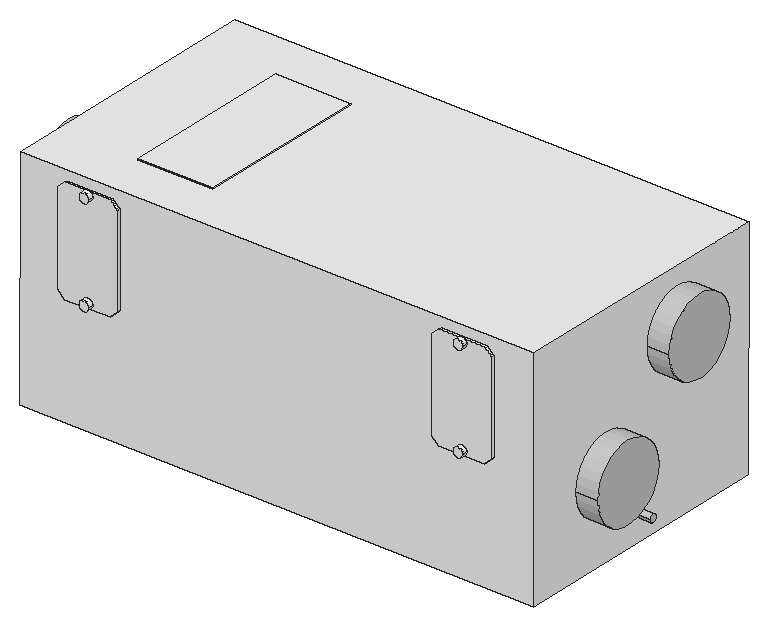
Revit family "BLAUBERG-KOMFORT_EC_LBE_300", category Mechanical Equipment, Revit 2019
Family settings
  Round Connector Dimension = Use Diameter
  Classification = None
  Part Type = Normal
  OmniClass Number = 23.75.35.14
  OmniClass Title = Air Handling Units
  Work Plane-Based = No
  Always vertical = Yes
  Cut with Voids When Loaded = No
  Shared = No
  Room Calculation Point = No
Parameters (values of type "KOMFORT EC LBE 300 S21")
  dLFeets = 46 mm
  dBFeets = 60 mm
  Weight = 64.30 kg
  Top Maintenance Zone Height = 900 mm
  Standard Service Side [instance] = yes
  Service Side 2 [instance] = Standard Service Side  # yes
  Service Side 1 [instance] = not(Standard Service Side)  # no
  Leveling Feets [instance] = yes
  HDrainCon = 52 mm
  DrainPipe = yes
  Drain Connection Diameter = 16 mm
  Ddrain = 14.752 mm
  CoverW = 125 mm
  CoverH1 = 131 mm
  CoverH = 222 mm
  Maximum Unit Current With Electric Heater = 13.6 A
  Maintenance Zone Side 2 [instance] = if(Maintenance Zone, (if(not(Standard Service Side), 1 = 1, 1 = 0)), 1 = 0)  # no
  Maintenance Zone Side 1 [instance] = if(Maintenance Zone, (if(Standard Service Side, 1 = 1, 1 = 0)), 1 = 0)  # no
  Plastic Material = Polypropylene Black
  Maximum Unit Power Without Electric Heater = 182 W
  Maximum Unit Current Without Electric Heater = 1.4 A
  Leveling Feets Height Calc [instance] = if(Leveling Feets Height < 23 mm, 23 mm, Leveling Feets Height)  # 23 mm
  Leveling Feets Height [instance] = 23 mm
  CoverL2 = 147 mm
  CoverL1 = 147 mm
  Heater power = 2800 W
  Heat Exchanger Material = "polystyrene"
  HDuctCon = 48 mm  # constant formula
  H2 = 168 mm
  H1 = 117 mm
  H = 479 mm
  ElConB = 284 mm
  ElConA = 247 mm
  ElBoxB = 364 mm
  ElBoxA = 159 mm
  BDrainCon = 284 mm
  B2 = 189 mm
  Air Flow Factor [instance] = 1  # constant formula
  B1 = 189 mm
  L = 1083 mm
  Voltage = 230 V
  URL = "https://blaubergventilatoren.de/en/product/komfort-ec-lbe300-s21"
  Type Comments = "Air Handling Unit KOMFORT EC LBE 300 S21"
  Transported Air Temperature (°C) = "-25…+40"
  Supply Air Filter = "G4+F7"
  Sound Pressure Level at 3 m (dBA) = 24
  SEC Class = "A+"
  RPM (min-1) = 2100
  Power Factor = 1
  Power = Maximum Unit Power Without Electric Heater + Heater power  # 2982 W
  Number of Poles = 1
  Model = "KOMFORT EC LBE 300 S21"
  Maximum Air Flow = 380 m³/h
  Manufacturer = "Blauberg"
  Maintenance Zone Material = Maintenance Zone
  Front Maintenance Zone Height = 900 mm
  Maintenance Zone [instance] = no
  Load Classification = HVAC
  B = 566 mm
  Heat recovery efficiency (%) = "80..98"
  Heat Exchanger Type = "counter-flow"
  Metal Material = Metal Zinc
  Family Version = "1.0"  # constant formula
  Extract Air Filter = "G4"
  Duct Connection Diameter = 160 mm
  Description = "Air Handling Unit"
  D = Duct Connection Diameter  # 160 mm
  Current = Maximum Unit Current With Electric Heater  # 13.6 A
  Copyright = "©Blauberg"
  Casing Material = Painted Steel White
  Apparent Power [instance] = Power / Power Factor  # 2982 VA
  Air Flow Supply [instance] = 0 m³/h
  Air Flow Exhaust [instance] = 0 m³/h
Types (2, lengths in mm): name | DrainPipe | Drain Connection Diameter | Heat Exchanger Material | URL | Type Comments | SEC Class | Model | Heat recovery efficiency (%)
  KOMFORT EC LBE 300 S21 | yes | 16 | "polystyrene" | "https://blaubergventilatoren.de/en/product/komfort-ec-lbe300-s21" | "Air Handling Unit KOMFORT EC LBE 300 S21" | "A+" | "KOMFORT EC LBE 300 S21" | "80..98"
  KOMFORT EC LBE 300-E S21 | no | 0 | "enthalpy" | "https://blaubergventilatoren.de/en/product/komfort-ec-lbe300-e-s21" | "Air Handling Unit KOMFORT EC LBE 300-E S21" | "A" | "KOMFORT EC LBE 300-E S21" | "74..89"
Reference planes
  plane 1 "Center (Front/Back)": y = 0
  plane 2: z = 0
  plane 3 "Center (Left/Right)": x = 0
  plane 4 "Right": x = 541.5
  plane 5 "Front": y = -283
  plane 6 "Left": x = -541.5
  plane 7 "Top": z = 502
  plane 8 "Back": y = 283
  plane 9 "DuctConB1": y = 94
  plane 10 "DuctConB2": y = -94
  plane 11: z = 504
  plane 12 "Bottom": z = 23
  plane 13 "FeetsL1": x = -495.5
  plane 14 "FeetsL2": x = 495.5
  plane 15 "FeetsB1": y = 223
  plane 16 "FeetsB2": y = -223
  plane 17 "ElConA": x = -294.5
  plane 18: x = -374
  plane 19: x = -215
  plane 20: y = 181
  plane 21: y = -183
  plane 22 "ElConB": y = -1
  plane 23 "DrainConH": z = 75
  plane 24 "CoverH": z = 371
  plane 25 "CoverL1": x = -394.5
  plane 26 "CoverL2": x = 394.5
  plane 27 "DrainConB": y = -1
  plane 28 "DuctConH1": z = 385
  plane 29 "DuctConH2": z = 191
  plane 30: x = -589.5
  plane 31: x = 589.5
Forms (mm)
  Extrusion 1, solid, material "Painted Steel White" <- "Casing Material", detail levels medium+fine
    sketch origin (0, 377, 23) x (-1, 0, 0) y (0, -1, 0)
      loop
        line (541.5, 94) -> (541.5, 660) -> (-541.5, 660) -> (-541.5, 94) -> (541.5, 94)
    from 0 to 479
  Extrusion 2, solid, material "Painted Steel White" <- "Casing Material", detail levels medium+fine
    sketch origin (0, 0, 502) x (-1, 0, 0) y (0, -1, 0)
      loop
        line (374, -181) -> (374, 183) -> (215, 183) -> (215, -181) -> (374, -181)
    from 0 to 2
  Extrusion 3, solid, material "Metal Zinc" <- "Metal Material", detail levels medium+fine
    sketch origin (-541.5, 0, 0) x (0, 1, 0) y (0, 0, 1)
      loop
        circle (-94, 385) r 80
      loop
        circle (94, 191) r 80
    from 0 to -48
  Extrusion 4, solid, material "Metal Zinc" <- "Metal Material", detail levels medium+fine
    sketch origin (541.5, 0, 0) x (0, 1, 0) y (0, 0, 1)
      loop
        circle (94, 385) r 80
      loop
        circle (-94, 191) r 80
    from 0 to 48
  Extrusion 5, solid, material "Metal Zinc" <- "Metal Material", visible <- "DrainPipe", detail levels medium+fine
    sketch origin (541.5, 0, 0) x (0, 1, 0) y (0, 0, 1)
      loop
        circle (-1, 75) r 7.376
    from 0 to 26.5
Lines and regions (mm)
  model lines, detail levels coarse
    curve 1: line (-541.5, -283, 502) -> (-541.5, 283, 502)
    curve 2: line (541.5, -283, 502) -> (-541.5, -283, 502)
    curve 3: line (541.5, 283, 502) -> (541.5, -283, 502)
    curve 4: line (-541.5, -283, 23) -> (-541.5, 283, 23)
    curve 5: line (541.5, -283, 23) -> (-541.5, -283, 23)
    curve 6: line (541.5, 283, 23) -> (541.5, -283, 23)
    curve 7: line (-541.5, -283, 502) -> (541.5, -283, 502)
    curve 8: line (-541.5, -283, 23) -> (-541.5, -283, 502)
    curve 9: line (541.5, -283, 23) -> (-541.5, -283, 23)
    curve 10: line (541.5, -283, 502) -> (541.5, -283, 23)
    curve 11: line (-541.5, -283, 502) -> (-541.5, -283, 23)
    curve 12: line (541.5, -283, 502) -> (541.5, -283, 23)
    curve 13: line (-541.5, 283, 23) -> (541.5, 283, 23)
    curve 14: line (-541.5, 283, 502) -> (541.5, 283, 502)
    curve 15: line (-541.5, 283, 502) -> (-541.5, 283, 23)
    curve 16: line (541.5, 283, 502) -> (541.5, 283, 23)
    curve 17: line (-589.5, -94, 385) -> (-541.5, -94, 385)
    curve 18: line (-589.5, 94, 191) -> (-541.5, 94, 191)
    curve 19: line (541.5, -94, 191) -> (589.5, -94, 191)
    curve 20: line (541.5, 94, 385) -> (589.5, 94, 385)
Dimensions and locks
  "B": plane 8 "Back" to plane 5 "Front"
  equal spacing: plane 6 "Left", plane 3 "Center (Left/Right)", plane 4 "Right"
  "L": plane 6 "Left" to plane 4 "Right"
  "dBFeets": plane 8 "Back" to plane 15 "FeetsB1"
  "dBFeets": plane 16 "FeetsB2" to plane 5 "Front"
  "dLFeets": plane 6 "Left" to plane 13 "FeetsL1"
  "dLFeets": plane 14 "FeetsL2" to plane 4 "Right"
  "Leveling Feets Height Calc": plane 12 "Bottom" to level
  "H": plane 7 "Top" to plane 12 "Bottom"
  "ElConA": plane 6 "Left" to plane 17 "ElConA"
  "B2": plane 10 "DuctConB2" to plane 5 "Front"
  "B1": plane 8 "Back" to plane 9 "DuctConB1"
  equal spacing: plane 18, plane 17 "ElConA", plane 19
  "ElBoxA": plane 18 to plane 19
  "ElConB": plane 8 "Back" to plane 22 "ElConB"
  equal spacing: plane 20, plane 22 "ElConB", plane 21
  "ElBoxB": plane 20 to plane 21
  locked: plane 11 to plane 7 "Top" at 2
  equal spacing: plane 8 "Back", plane 1 "Center (Front/Back)", plane 5 "Front"
  "CoverH1": plane 7 "Top" to plane 24 "CoverH"
  "CoverL1": plane 6 "Left" to plane 25 "CoverL1"
  "CoverL2": plane 26 "CoverL2" to plane 4 "Right"
  "HDrainCon": plane 23 "DrainConH" to plane 12 "Bottom"
  "BDrainCon": plane 8 "Back" to plane 27 "DrainConB"
  "H1": plane 7 "Top" to plane 28 "DuctConH1"
  "H2": plane 29 "DuctConH2" to plane 12 "Bottom"
  "HDuctCon": plane 30 to plane 6 "Left"
  "HDuctCon": plane 4 "Right" to plane 31
  "D": diameter of Extrusion 3 sketch curve  (x2)
  "D": diameter of Extrusion 4 sketch curve  (x2)
  "Ddrain": diameter of Extrusion 5 sketch curve
  aligned and locked: level to plane 2
  aligned and locked: plane 13 "FeetsL1" to nested 1
  aligned and locked: nested 1 to plane 15 "FeetsB1"
  aligned and locked: plane 14 "FeetsL2" to nested 2
  aligned and locked: nested 2 to plane 15 "FeetsB1"
  aligned and locked: nested 3 to plane 16 "FeetsB2"
  aligned and locked: plane 14 "FeetsL2" to nested 3
  aligned and locked: plane 13 "FeetsL1" to nested 4
  aligned and locked: nested 4 to plane 16 "FeetsB2"
  aligned and locked: Extrusion 1 sketch curve to plane 8 "Back"
  aligned and locked: plane 6 "Left" to Extrusion 1 sketch curve
  aligned and locked: plane 5 "Front" to Extrusion 1 sketch curve
  aligned and locked: Extrusion 1 sketch curve to plane 4 "Right"
  aligned and locked: plane 7 "Top" to Extrusion 1
  aligned and locked: plane 3 "Center (Left/Right)" to nested 5
  aligned and locked: nested 5 to plane 7 "Top"
  aligned and locked: curve 2 to Extrusion 1
  aligned and locked: curve 4 to curve 1
  aligned and locked: curve 5 to curve 2
  aligned and locked: curve 6 to nested 5
  aligned and locked: curve 8 to Extrusion 1
  aligned and locked: curve 10 to Extrusion 1
  aligned and locked: curve 11 to plane 5 "Front"
  aligned and locked: curve 12 to plane 5 "Front"
  aligned and locked: plane 8 "Back" to curve 3
  aligned and locked: plane 8 "Back" to curve 6
  aligned and locked: plane 6 "Left" to curve 13
  aligned and locked: curve 13 to plane 8 "Back"
  aligned and locked: plane 4 "Right" to curve 14
  aligned and locked: plane 6 "Left" to curve 14
  aligned and locked: curve 14 to plane 8 "Back"
  aligned and locked: Extrusion 2 sketch curve to plane 20
  aligned and locked: Extrusion 2 sketch curve to plane 18
  aligned and locked: plane 21 to Extrusion 2 sketch curve
  aligned and locked: Extrusion 2 sketch curve to plane 19
  aligned and locked: plane 11 to Extrusion 2
  aligned and locked: plane 3 "Center (Left/Right)" to nested 6
  aligned and locked: nested 6 to plane 7 "Top"
  aligned and locked: plane 7 "Top" to curve 15
  aligned and locked: plane 12 "Bottom" to curve 15
  aligned and locked: plane 7 "Top" to curve 16
  aligned and locked: plane 12 "Bottom" to curve 16
  aligned and locked: plane 8 "Back" to curve 15
  aligned and locked: plane 8 "Back" to curve 16
  aligned and locked: Extrusion 3 to plane 30
  aligned and locked: plane 31 to Extrusion 4
  aligned and locked: plane 1 "Center (Front/Back)" to nested 7
  aligned and locked: plane 3 "Center (Left/Right)" to nested 7
  aligned and locked: plane 25 "CoverL1" to nested 8
  aligned and locked: plane 24 "CoverH" to nested 8
  aligned and locked: plane 26 "CoverL2" to nested 9
  aligned and locked: plane 24 "CoverH" to nested 9
  aligned and locked: nested 10 to plane 24 "CoverH"
  aligned and locked: nested 11 to plane 24 "CoverH"
  aligned and locked: nested 10 to plane 26 "CoverL2"
  aligned and locked: nested 11 to plane 25 "CoverL1"
  aligned and locked: plane 9 "DuctConB1" to Extrusion 4 sketch curve
  aligned and locked: plane 28 "DuctConH1" to Extrusion 4 sketch curve
  aligned and locked: plane 10 "DuctConB2" to Extrusion 4 sketch curve
  aligned and locked: plane 29 "DuctConH2" to Extrusion 4 sketch curve
  aligned and locked: plane 6 "Left" to curve 17
  aligned and locked: plane 30 to curve 17
  aligned and locked: plane 31 to curve 19
  aligned and locked: plane 4 "Right" to curve 19
  aligned and locked: plane 30 to curve 18
  aligned and locked: plane 6 "Left" to curve 18
  aligned and locked: curve 17 to plane 10 "DuctConB2"
  aligned and locked: curve 18 to plane 9 "DuctConB1"
  aligned and locked: plane 4 "Right" to curve 20
  aligned and locked: plane 31 to curve 20
  aligned and locked: curve 19 to plane 10 "DuctConB2"
  aligned and locked: curve 20 to plane 9 "DuctConB1"
Automatic sketch dimensions
  curve 9 to plane 12 "Bottom" = 0 mm
  curve 8 to plane 7 "Top" = 0 mm
  curve 11 to plane 12 "Bottom" = 0 mm
  curve 11 to plane 7 "Top" = 0 mm
  curve 12 to plane 12 "Bottom" = 0 mm
  curve 12 to plane 7 "Top" = 0 mm
  Extrusion 3 sketch curve to plane 10 "DuctConB2" = 0 mm
  Extrusion 3 sketch curve to plane 9 "DuctConB1" = 0 mm
  Extrusion 3 sketch curve to plane 29 "DuctConH2" = 0 mm
  Extrusion 3 sketch curve to plane 28 "DuctConH1" = 0 mm
  Extrusion 5 sketch curve to plane 22 "ElConB" = 0 mm
  Extrusion 5 sketch curve to plane 23 "DrainConH" = 0 mm
Nested families
  nested 1: "LevellingFeet" at (-495.5, 223, 0), visible <- "Leveling Feets", type "LevellingFeet", detail levels medium+fine
  nested 2: "LevellingFeet" at (495.5, 223, 0), visible <- "Leveling Feets", type "LevellingFeet", detail levels medium+fine
  nested 3: "LevellingFeet" at (495.5, -223, 0), visible <- "Leveling Feets", type "LevellingFeet", detail levels medium+fine
  nested 4: "LevellingFeet" at (-495.5, -223, 0), visible <- "Leveling Feets", type "LevellingFeet", detail levels medium+fine
  nested 5: "MaintenanceZone_Rect" at (0, -283, 262.5) x (1, 0, 0) z (0, 1, 0), visible <- "Maintenance Zone Side 1", type "Front", detail levels medium+fine
    with Maintenance Zone Width 479 mm, Maintenance Zone Length 1083 mm, Maintenance Zone Height 900 mm
  nested 6: "MaintenanceZone_Rect" at (0, 283, 262.5) x (1, 0, 0) z (0, -1, 0), visible <- "Maintenance Zone Side 2", type "Front", detail levels medium+fine
    with Maintenance Zone Width 479 mm, Maintenance Zone Length 1083 mm, Maintenance Zone Height 900 mm
  nested 7: "MaintenanceZone_Rect" at (0, 0, 502) x (1, 0, 0) z (0, 0, -1), visible <- "Maintenance Zone", type "Top", detail levels medium+fine
    with Maintenance Zone Width 566 mm, Maintenance Zone Length 1083 mm, Maintenance Zone Height 900 mm
  nested 8: "FilterCover" at (-394.5, -283, 371) x (1, 0, 0) z (0, -1, 0), visible <- "Service Side 2", type "FilterCover", detail levels medium+fine
    with Width 125 mm, Lenght 222 mm
  nested 9: "FilterCover" at (394.5, -283, 371) x (1, 0, 0) z (0, -1, 0), visible <- "Service Side 2", type "FilterCover", detail levels medium+fine
    with Width 125 mm, Lenght 222 mm
  nested 10: "FilterCover" at (394.5, 283, 371) x (-1, 0, 0) z (0, 1, 0), visible <- "Service Side 1", type "FilterCover", detail levels medium+fine
    with Width 125 mm, Lenght 222 mm
  nested 11: "FilterCover" at (-394.5, 283, 371) x (-1, 0, 0) z (0, 1, 0), visible <- "Service Side 1", type "FilterCover", detail levels medium+fine
    with Width 125 mm, Lenght 222 mm
Connectors
  electrical at (-294.5, -1, 504), driven by "Number of Poles", driven by "Load Classification", driven by "Voltage", driven by "Apparent Power", driven by "Power Factor"
    settings: on Extrusion 2, index 6, voltage 230 V, apparent load 2982 VA, apparent load phase1 0 VA, apparent load phase2 0 VA, apparent load phase3 0 VA, power factor 1, load classification "HVAC", number of poles 1, system type 30, power factor state 1, is connector primary yes, connector utility no, sub classification motor no, connector description ""
  hvac at (-589.5, -94, 385), driven by "Duct Connection Diameter", driven by "Air Flow Exhaust"
    settings: on Extrusion 3, index 7, duct flow 0 m³/h, flow factor 0, pres drop 0.0 Pa, loss coef 0, conn angle 0.00°, conn width 304.8 mm, conn height 304.8 mm, conn diameter 160 mm, duct sys type 3, conn prof type 0, flow config 0, flow direction 1, loss method 0, conn ref index -1, conn util no, is conn primary yes, conn desc "Extract Air"
  hvac at (-589.5, 94, 191), driven by "Duct Connection Diameter", driven by "Air Flow Supply"
    settings: on Extrusion 3, index 8, duct flow 0 m³/h, flow factor 0, pres drop 0.0 Pa, loss coef 0, conn angle 0.00°, conn width 304.8 mm, conn height 304.8 mm, conn diameter 160 mm, duct sys type 1, conn prof type 0, flow config 0, flow direction 2, loss method 0, conn ref index -1, conn util no, is conn primary no, conn desc "Supply Air"
  hvac at (589.5, 94, 385), driven by "Duct Connection Diameter", driven by "Air Flow Supply"
    settings: on Extrusion 4, index 9, duct flow 0 m³/h, flow factor 0, pres drop 0.0 Pa, loss coef 0, conn angle 0.00°, conn width 304.8 mm, conn height 304.8 mm, conn diameter 160 mm, duct sys type 1, conn prof type 0, flow config 1, flow direction 1, loss method 0, conn ref index -1, conn util no, is conn primary no, conn desc "Inake Air"
  hvac at (589.5, -94, 191), driven by "Duct Connection Diameter", driven by "Air Flow Exhaust"
    settings: on Extrusion 4, index 10, duct flow 0 m³/h, flow factor 0, pres drop 0.0 Pa, loss coef 0, conn angle 0.00°, conn width 304.8 mm, conn height 304.8 mm, conn diameter 160 mm, duct sys type 3, conn prof type 0, flow config 1, flow direction 2, loss method 0, conn ref index -1, conn util no, is conn primary no, conn desc "Exhaust Air"
Definition of nested family "LevellingFeet"
  Parameters (values of type "LevellingFeet")
    r2 = d2 / 2  # 9 mm
    r1 = d1 / 2  # 12 mm
    h2 = 15 mm
    h1 = 6 mm
    d3 = 8 mm
    d2 = 18 mm
    d1 = 24 mm
    R = D / 2  # 20.5 mm
    Material = none
    H = 23 mm
    Default Elevation = 1219.2 mm
    D = 41 mm
  Reference planes
    plane 1 "Center (Front/Back)": y = 0
    plane 2: z = 0
    plane 3 "Center (Left/Right)": x = 0
    plane 4: z = 6
    plane 5: x = -9
    plane 6: x = -20.5
    plane 7: x = -12
    plane 8: z = 21
    plane 9: z = 23
  Forms (mm)
    Revolve 1, solid, material <- "Material"
      sketch origin (0, 0, 0) x (1, 0, 0) y (0, 0, 1)
        loop
          line (0, 21) -> (-9, 21) -> (-11.354, 9.228)
          arc (-11.354, 9.228) -> (-12.746, 6.91) -> (-15.292, 6) r 4.016
          line (-15.292, 6) -> (-18.541, 6)
          arc (-18.541, 6) -> (-19.926, 5.426) -> (-20.5, 4.041) r 1.959
          line (-20.5, 4.041) -> (-20.5, 0) -> (0, 0) -> (0, 21)
        axis (0, 21) -> (0, 0)
      angle from 0 to 360
    Extrusion 2, solid, material <- "Material"
      sketch origin (0, 0, 0) x (1, 0, 0) y (0, 1, 0)
        loop
          circle (0, 0) r 4
      from 23 to 6
  Cuts and joins
    joined: Revolve 1, Extrusion 2
  Dimensions and locks
    "r2": plane 3 "Center (Left/Right)" to plane 5
    "R": plane 3 "Center (Left/Right)" to plane 6
    "r1": plane 3 "Center (Left/Right)" to plane 7
    "h2": plane 8 to plane 4
    "h1": plane 4 to level
    "H": plane 9 to level
    "d3": diameter of Extrusion 2 sketch curve
    aligned and locked: level to plane 2
    aligned and locked: Revolve 1 sketch curve to plane 3 "Center (Left/Right)"
    aligned and locked: plane 8 to Revolve 1 sketch curve
    aligned and locked: Extrusion 2 to plane 4
    aligned and locked: plane 9 to Extrusion 2
    aligned and locked: cut or joined group of Revolve 1, Extrusion 2 to level
  Automatic sketch dimensions
    Revolve 1 sketch curve to level = 0 mm
    Revolve 1 sketch curve to plane 6 = 0 mm
    Revolve 1 sketch curve to plane 4 = 0 mm
    Revolve 1 sketch curve to plane 5 = 0 mm
    Revolve 1 sketch curve to plane 3 "Center (Left/Right)" = 0 mm
    plane 6 to Revolve 1 sketch curve = 1.959 mm
    Revolve 1 sketch curve to plane 7 = 3.292 mm
    plane 7 to Revolve 1 sketch curve = 0.646 mm
    plane 4 to Revolve 1 sketch curve = 3.228 mm
    Revolve 1 sketch curve to level = 336.045 mm
    plane 9 to Revolve 1 sketch curve = 2172.315 mm
    plane 1 "Center (Front/Back)" to Extrusion 2 sketch curve = 0 mm
    Extrusion 2 sketch curve to plane 3 "Center (Left/Right)" = 0 mm
Definition of nested family "MaintenanceZone_Rect"
  Parameters (values of type "MaintenanceZone_Rect")
    Maintenance Zone Width = 500 mm
    Material = none
    Maintenance Zone Length = 1000 mm
    Maintenance Zone Height = 300 mm
    Family Version = ""
    Default Elevation = 1219.2 mm
    Copyright = ""
  Reference planes
    plane 1 "Center (Front/Back)": y = 0
    plane 2: z = 0
    plane 3 "Center (Left/Right)": x = 0
    plane 4: x = -500
    plane 5: x = 500
    plane 6: y = 250
    plane 7: y = -250
    plane 8: z = -300
  Forms (mm)
    Extrusion 1, solid, material <- "Material", detail levels medium+fine
      sketch origin (0, 0, 0) x (1, 0, 0) y (0, 1, 0)
        loop
          line (-500, 250) -> (-500, -250) -> (500, -250) -> (500, 250) -> (-500, 250)
      from 0 to -300
  Lines and regions (mm)
    symbolic lines, detail levels medium+fine
      curve 1: line (-500, 0, 0) -> (500, 0, 0)
      curve 2: line (-500, 0, -300) -> (-500, 0, 0)
      curve 3: line (500, 0, -300) -> (-500, 0, -300)
      curve 4: line (500, 0, 0) -> (500, 0, -300)
      curve 5: line (0, 250, 0) -> (0, -250, 0)
      curve 6: line (0, 250, -300) -> (0, 250, 0)
      curve 7: line (0, -250, -300) -> (0, 250, -300)
      curve 8: line (0, -250, 0) -> (0, -250, -300)
      curve 9: line (-500, 250, 0) -> (500, 250, 0)
      curve 10: line (-500, -250, 0) -> (-500, 250, 0)
      curve 11: line (500, -250, 0) -> (-500, -250, 0)
      curve 12: line (500, 250, 0) -> (500, -250, 0)
  Dimensions and locks
    equal spacing: plane 6, plane 1 "Center (Front/Back)", plane 7
    equal spacing: plane 4, plane 3 "Center (Left/Right)", plane 5
    "Maintenance Zone Width": plane 6 to plane 7
    "Maintenance Zone Length": plane 4 to plane 5
    "Maintenance Zone Height": plane 2 to plane 8
    aligned and locked: level to plane 2
    aligned and locked: Extrusion 1 sketch curve to plane 6
    aligned and locked: plane 4 to Extrusion 1 sketch curve
    aligned and locked: plane 7 to Extrusion 1 sketch curve
    aligned and locked: Extrusion 1 sketch curve to plane 5
    aligned and locked: Extrusion 1 to plane 8
    aligned and locked: curve 1 to Extrusion 1
    aligned and locked: curve 2 to Extrusion 1
    aligned and locked: curve 3 to Extrusion 1
    aligned and locked: curve 4 to Extrusion 1
    aligned and locked: curve 5 to Extrusion 1
    aligned and locked: curve 6 to Extrusion 1
    aligned and locked: curve 7 to Extrusion 1
    aligned and locked: curve 8 to Extrusion 1
    aligned and locked: curve 9 to Extrusion 1
    aligned and locked: curve 10 to Extrusion 1
    aligned and locked: curve 11 to Extrusion 1
    aligned and locked: curve 12 to Extrusion 1
Definition of nested family "FilterCover"
  Parameters (values of type "FilterCover")
    W1 = 14.8 mm
    Width = 65 mm
    Material = none
    Lenght = 242 mm
    L2 = 9 mm
    H1 = 10 mm
    Height = 5.5 mm
    Default Elevation = 1219.2 mm
    AngleCalc = 90.00° + Angle  # 90.00°
    Angle = 0.00°
  Reference planes
    plane 1 "Center (Front/Back)": y = 0
    plane 2: z = 0
    plane 3 "Center (Left/Right)": x = 0
    plane 4: x = -32.5
    plane 5: x = 32.5
    plane 6: y = -121
    plane 7: y = 121
    plane 8: x = -17.7
    plane 9: x = 17.7
    plane 10: y = 106.2
    plane 11: y = -106.2
    plane 12: y = 112
    plane 13: y = -112
    plane 14: z = 5.5
    plane 15: z = 15.5
  Forms (mm)
    Extrusion 1, solid, material <- "Material"
      sketch origin (0, 0, 0) x (1, 0, 0) y (0, 1, 0)
        loop
          line (-17.7, 121) -> (-32.5, 106.2) -> (-32.5, -106.2) -> (-17.7, -121) -> (17.7, -121) -> (32.5, -106.2) -> (32.5, 106.2) -> (17.7, 121) -> (-17.7, 121)
      from 0 to 5.5
    Extrusion 2, solid, material <- "Material"
      sketch origin (0, 0, 0) x (1, 0, 0) y (0, 1, 0)
        loop
          circle (0, 112) r 10
        loop
          circle (0, -112) r 10
      from 5.5 to 15.5
  Dimensions and locks
    equal spacing: plane 4, plane 3 "Center (Left/Right)", plane 5
    "Width": plane 4 to plane 5
    equal spacing: plane 6, plane 1 "Center (Front/Back)", plane 7
    "Lenght": plane 6 to plane 7
    "W1": plane 10 to plane 7
    "W1": plane 9 to plane 5
    "W1": plane 4 to plane 8
    "W1": plane 11 to plane 6
    "Height": plane 14 to level
    "H1": plane 15 to plane 14
    "L2": plane 12 to plane 7
    "L2": plane 6 to plane 13
    diameter of Extrusion 2 sketch curve = 20 mm  (x2)
    aligned and locked: level to plane 2
    aligned and locked: plane 14 to Extrusion 1
    aligned and locked: plane 15 to Extrusion 2
    aligned and locked: Extrusion 2 to plane 14
  Automatic sketch dimensions
    Extrusion 1 sketch curve to plane 4 = 0 mm
    plane 7 to Extrusion 1 sketch curve = 0 mm
    Extrusion 1 sketch curve to plane 8 = 0 mm  (x2)
    plane 6 to Extrusion 1 sketch curve = 0 mm
    Extrusion 1 sketch curve to plane 9 = 0 mm  (x2)
    Extrusion 1 sketch curve to plane 5 = 0 mm
    Extrusion 1 sketch curve to plane 11 = 0 mm  (x2)
    Extrusion 1 sketch curve to plane 10 = 0 mm  (x2)
    Extrusion 2 sketch curve to plane 3 "Center (Left/Right)" = 0 mm  (x2)
    Extrusion 2 sketch curve to plane 13 = 0 mm
    Extrusion 2 sketch curve to plane 12 = 0 mm
